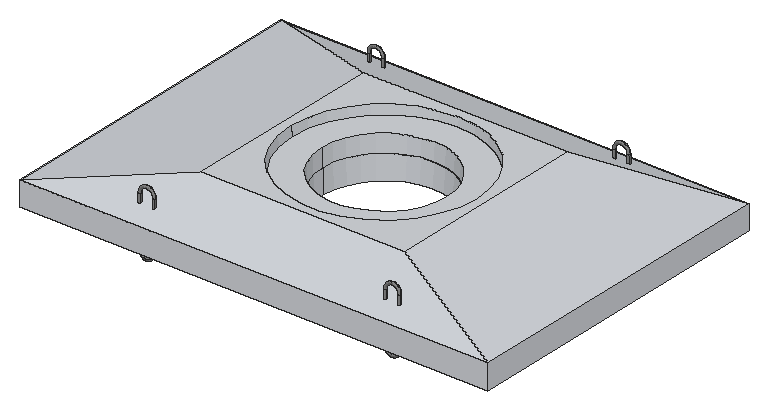
Revit family "110402-00001 Плита разгрузочная для ККСр-3 ОП-1-У", category Обобщенные модели, Revit 2019
Family settings
  Может служить основой для арматурных стержней = Нет
  Размер круглого соединителя = Использовать диаметр
  Тип детали = Нормальный
  На основе рабочей плоскости = Нет
  Всегда вертикально = Да
  При загрузке вырезать с полостями = Нет
  Общий = Нет
  Точка расчета площади = Нет
Parameters (values of type "Плита разгрузочная для ККСр-3 "ОП-1-У" (В25)")
  ADSK_Ширина [instance] = 2300 mm
  ADSK_Ссылка на сайт = "https://www.ssd.ru/plita-razgruzochnaya-dlya-kksr-3-quot-op-1-u-quot-v25"
  ADSK_Сертификат соответствия = "https://www.ssd.ru/upload/iblock/ec0/sert_b25_0221.pdf"
  ADSK_Наименование = "Плита разгрузочная для ККСр-3 \"ОП-1-У\" (В25)"
  ADSK_Масса = "1570"
  ADSK_Марка бетона = "В25"
  ADSK_Марка = "ККСр-3 \"ОП-1-У\" (В25)"
  ADSK_Код изделия = "110402-00097"
  ADSK_Изготовитель = "АО СВЯЗЬСТРОЙДЕТАЛЬ"
  ADSK_Длина1 [instance] = 250 mm
  ADSK_Длина [instance] = 1600 mm
  ADSK_Высота [instance] = 120 mm
Reference planes
  plane 1 "По центру (Вперед/Назад)": y = 0
  plane 2: z = 0
  plane 3 "По центру (Влево/Вправо)": x = 0
  plane 4: x = -1150
  plane 5: x = 1150
  plane 6: y = 800
  plane 7: y = -800
  plane 8: z = 120
  plane 9: z = 250
  plane 10: z = 0
  plane 11: z = 205
Forms (mm)
  Extrusion 1, solid
    sketch origin (0, 0, 0) x (1, 0, 0) y (0, 1, 0)
      loop
        line (-1150, 800) -> (-1150, -800) -> (1150, -800) -> (1150, 800) -> (-1150, 800)
    from 0 to 120
  Blend 2, solid
    base sketch origin (0, 0, 0) x (1, 0, 0) y (0, 1, 0)
      loop
        line (-1150, 800) -> (-1150, -800) -> (1150, -800) -> (1150, 800) -> (-1150, 800)
    top sketch origin (0, 0, 0) x (1, 0, 0) y (0, 1, 0)
      loop
        line (500, 500) -> (-500, 500) -> (-500, -500) -> (500, -500) -> (500, 500)
    from 120 to 250
  Blend 3, void
    base sketch origin (0, 0, 0) x (1, 0, 0) y (0, 1, 0)
      loop
        circle (0, 0) r 452.5
    top sketch origin (0, 0, 0) x (1, 0, 0) y (0, 1, 0)
      loop
        circle (0, 0) r 457.5
    from 205 to 250
  Blend 4, void
    base sketch origin (0, 0, 0) x (1, 0, 0) y (0, 1, 0)
      loop
        circle (0, 0) r 300
    top sketch origin (0, 0, 0) x (1, 0, 0) y (0, 1, 0)
      loop
        circle (0, 0) r 310
    from 0 to 250
  Sweep 5, solid, material "Новый материал (по умолчанию)", detail levels fine
    path origin (1609, 0, 0) x (-1, 0, 0) y (0, 0, -1)
      loop
        line (1040, 0) -> (1040, 45)
        arc (1040, 45) -> (1005, 80) -> (970, 45) r 35
        line (970, 45) -> (970, 0)
    profile origin (569, 0, -22.5) x (0, -1, 0) y (1, 0, 0)
      loop
        circle (704, 0) r 6
  Sweep 6, solid, material "Новый материал (по умолчанию)", detail levels fine
    path origin (1609, 0, 0) x (-1, 0, 0) y (0, 0, 1)
      loop
        line (1040, 0) -> (1040, -45)
        arc (1040, -45) -> (1005, -80) -> (970, -45) r 35
        line (970, -45) -> (970, 0)
    profile origin (569, 0, -22.5) x (0, 1, 0) y (-1, 0, 0)
      loop
        circle (704, 0) r 6
  Sweep 7, solid, material "Новый материал (по умолчанию)", detail levels fine
    path origin (-1609, 0, 0) x (1, 0, 0) y (0, 0, -1)
      loop
        line (1040, 0) -> (1040, 45)
        arc (1040, 45) -> (1005, 80) -> (970, 45) r 35
        line (970, 45) -> (970, 0)
    profile origin (-569, 0, -22.5) x (0, -1, 0) y (1, 0, 0)
      loop
        circle (704, 0) r 6
  Sweep 8, solid, material "Новый материал (по умолчанию)", detail levels fine
    path origin (-1609, 0, 0) x (1, 0, 0) y (0, 0, -1)
      loop
        line (1040, 0) -> (1040, 45)
        arc (1040, 45) -> (1005, 80) -> (970, 45) r 35
        line (970, 45) -> (970, 0)
    profile origin (-569, 0, -22.5) x (0, 1, 0) y (-1, 0, 0)
      loop
        circle (704, 0) r 6
  Sweep 9, solid, material "Новый материал (по умолчанию)", detail levels fine
    path origin (1609, 0, 158.292) x (-1, 0, 0) y (0, 0, 1)
      loop
        line (1040, 0) -> (1040, 45)
        arc (1040, 45) -> (1005, 80) -> (970, 45) r 35
        line (970, 45) -> (970, 0)
    profile origin (569, 0, 180.792) x (1, 0, 0) y (0, 1, 0)
      loop
        circle (0, 704) r 6
  Sweep 10, solid, material "Новый материал (по умолчанию)", detail levels fine
    path origin (-1609, 0, 158.292) x (1, 0, 0) y (0, 0, -1)
      loop
        line (1040, 0) -> (1040, -45)
        arc (1040, -45) -> (1005, -80) -> (970, -45) r 35
        line (970, -45) -> (970, 0)
    profile origin (-569, 0, 180.792) x (1, 0, 0) y (0, 1, 0)
      loop
        circle (0, 704) r 6
  Sweep 11, solid, material "Новый материал (по умолчанию)", detail levels fine
    path origin (1609, 0, 158.292) x (-1, 0, 0) y (0, 0, -1)
      loop
        line (1040, 0) -> (1040, -45)
        arc (1040, -45) -> (1005, -80) -> (970, -45) r 35
        line (970, -45) -> (970, 0)
    profile origin (569, 0, 180.792) x (-1, 0, 0) y (0, -1, 0)
      loop
        circle (0, 704) r 6
  Sweep 12, solid, material "Новый материал (по умолчанию)", detail levels fine
    path origin (-1609, 0, 158.292) x (1, 0, 0) y (0, 0, 1)
      loop
        line (1040, 0) -> (1040, 45)
        arc (1040, 45) -> (1005, 80) -> (970, 45) r 35
        line (970, 45) -> (970, 0)
    profile origin (-569, 0, 180.792) x (-1, 0, 0) y (0, -1, 0)
      loop
        circle (0, 704) r 6
Cuts and joins
  Blend 3, Blend 4 cuts Extrusion 1
  Blend 3, Blend 4 cuts Blend 2
Lines and regions (mm)
  reference lines
    curve 1: line (645, 0, 0) -> (563, 0, 0)
    curve 2: line (604, 0, 120) -> (604, 0, 162)
Dimensions and locks
  "ADSK_Ширина": plane 4 to plane 5
  equal spacing: plane 4, plane 3 "По центру (Влево/Вправо)", plane 5
  "ADSK_Длина": plane 6 to plane 7
  equal spacing: plane 6, plane 1 "По центру (Вперед/Назад)", plane 7
  "ADSK_Высота": plane 2 to plane 8
  "ADSK_Длина1": plane 2 to plane 9
  aligned and locked: level to plane 2
  aligned and locked: Extrusion 1 sketch curve to plane 6
  aligned and locked: plane 4 to Extrusion 1 sketch curve
  aligned and locked: Extrusion 1 sketch curve to plane 7
  aligned and locked: plane 5 to Extrusion 1 sketch curve
  aligned and locked: plane 8 to Extrusion 1
  aligned and locked: Extrusion 1 to level
  aligned and locked: Blend 2 sketch curve to Extrusion 1  (x4)
  aligned and locked: plane 9 to Blend 2
  aligned and locked: Blend 2 to Extrusion 1
  aligned and locked: Blend 3 to plane 11
  aligned and locked: plane 9 to Blend 3
  aligned and locked: Blend 4 to level
  aligned and locked: plane 9 to Blend 4
Automatic sketch dimensions
  Blend 2 sketch curve to plane 3 "По центру (Влево/Вправо)" = 500 mm
  plane 3 "По центру (Влево/Вправо)" to Blend 2 sketch curve = 500 mm
  Blend 2 sketch curve to plane 7 = 300 mm
  Blend 2 sketch curve to plane 6 = 300 mm
  plane 1 "По центру (Вперед/Назад)" to Blend 3 sketch curve = 0 mm  (x2)
  Blend 3 sketch curve to plane 3 "По центру (Влево/Вправо)" = 0 mm  (x2)
  plane 1 "По центру (Вперед/Назад)" to Blend 4 sketch curve = 0 mm  (x2)
  Blend 4 sketch curve to plane 3 "По центру (Влево/Вправо)" = 0 mm  (x2)
  Sweep 5 sketch curve to level = 0 mm  (x2)
  Sweep 5 sketch curve to level = 45 mm
  plane 5 to Sweep 5 sketch curve = 511 mm
  Sweep 5 sketch curve to Sweep 5 sketch curve = 35 mm
  Sweep 5 sketch curve to profile plane = 0 mm
  plane 1 "По центру (Вперед/Назад)" to Sweep 5 sketch curve = 704 mm
  curve 1 to level = 0 mm
  curve 2 to plane 8 = 0 mm
  plane 3 "По центру (Влево/Вправо)" to curve 1 = 563 mm
  curve 1 to curve 2 = 41 mm
  curve 1 to curve 1 = 82 mm
  plane 8 to curve 2 = 42 mm
  Sweep 6 sketch curve to level = 0 mm  (x2)
  Sweep 6 sketch curve to level = 45 mm
  plane 5 to Sweep 6 sketch curve = 511 mm
  Sweep 6 sketch curve to Sweep 6 sketch curve = 35 mm
  Sweep 6 sketch curve to profile plane = 0 mm
  profile plane to Sweep 6 sketch curve = 704 mm
  Sweep 7 sketch curve to level = 0 mm  (x2)
  level to Sweep 7 sketch curve = 45 mm
  Sweep 7 sketch curve to plane 4 = 511 mm
  Sweep 7 sketch curve to Sweep 7 sketch curve = 35 mm
  Sweep 7 sketch curve to profile plane = 0 mm
  plane 1 "По центру (Вперед/Назад)" to Sweep 7 sketch curve = 704 mm
  Sweep 8 sketch curve to level = 0 mm  (x2)
  Sweep 8 sketch curve to level = 45 mm
  plane 4 to Sweep 8 sketch curve = 511 mm
  Sweep 8 sketch curve to Sweep 8 sketch curve = 35 mm
  Sweep 8 sketch curve to profile plane = 0 mm
  profile plane to Sweep 8 sketch curve = 704 mm
  Sweep 9 sketch curve to plane 11 = 1.708 mm
  plane 5 to Sweep 9 sketch curve = 511 mm
  Sweep 9 sketch curve to Sweep 9 sketch curve = 35 mm
  plane 8 to Sweep 9 sketch curve = 38.292 mm  (x2)
  Sweep 9 sketch curve to profile plane = 0 mm
  profile plane to Sweep 9 sketch curve = 704 mm
  Sweep 10 sketch curve to plane 11 = 1.708 mm
  plane 4 to Sweep 10 sketch curve = 511 mm
  Sweep 10 sketch curve to Sweep 10 sketch curve = 35 mm
  plane 8 to Sweep 10 sketch curve = 38.292 mm  (x2)
  Sweep 10 sketch curve to profile plane = 0 mm
  profile plane to Sweep 10 sketch curve = 704 mm
  Sweep 11 sketch curve to plane 11 = 1.708 mm
  plane 5 to Sweep 11 sketch curve = 511 mm
  Sweep 11 sketch curve to Sweep 11 sketch curve = 35 mm
  plane 8 to Sweep 11 sketch curve = 38.292 mm  (x2)
  Sweep 11 sketch curve to profile plane = 0 mm
  profile plane to Sweep 11 sketch curve = 704 mm
  Sweep 12 sketch curve to plane 11 = 1.708 mm
  plane 4 to Sweep 12 sketch curve = 511 mm
  Sweep 12 sketch curve to Sweep 12 sketch curve = 35 mm
  plane 8 to Sweep 12 sketch curve = 38.292 mm  (x2)
  Sweep 12 sketch curve to profile plane = 0 mm
  profile plane to Sweep 12 sketch curve = 704 mm
  radius of Blend 3 sketch curve = 452.5 mm
  radius of Blend 3 sketch curve = 457.5 mm
  radius of Blend 4 sketch curve = 300 mm
  radius of Blend 4 sketch curve = 310 mm
  radius of Sweep 5 sketch curve = 6 mm
  radius of Sweep 6 sketch curve = 6 mm
  radius of Sweep 7 sketch curve = 6 mm
  radius of Sweep 8 sketch curve = 6 mm
  radius of Sweep 9 sketch curve = 6 mm
  radius of Sweep 10 sketch curve = 6 mm
  radius of Sweep 11 sketch curve = 6 mm
  radius of Sweep 12 sketch curve = 6 mm
